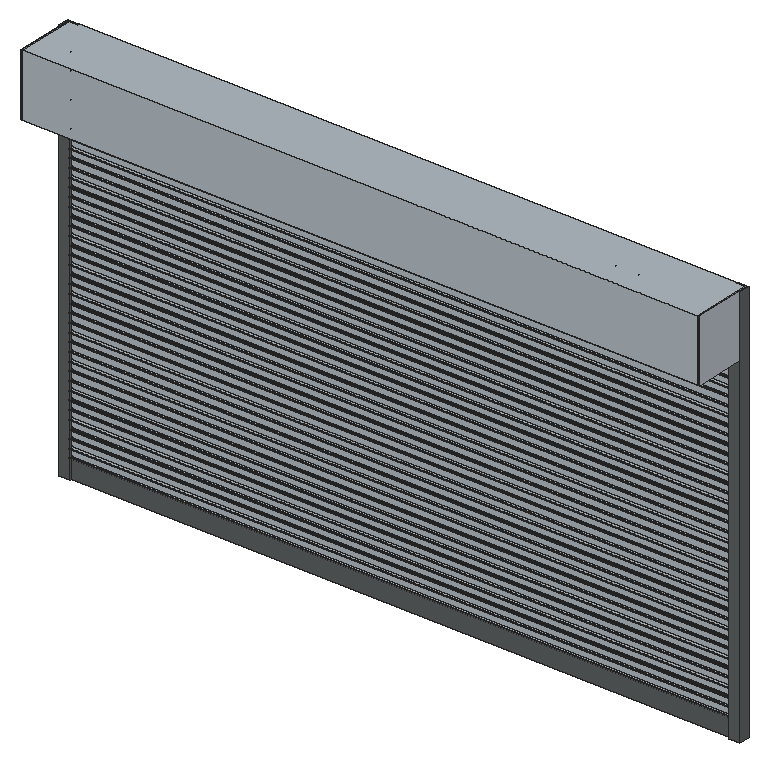
Revit family "Doors_Fire-Doors-Shutters_Wayne-Dalton_Fire-Rated-Counter-Shutters-FireStar-Model-550", category Specialty Equipment, host Wall, Revit 2019
Family settings
  Host = Wall
  Round Connector Dimension = Use Diameter
  Part Type = Normal
  OmniClass Number = 23.30.10.21.34
  OmniClass Title = Industrial Doors
  Always vertical = Yes
  Cut with Voids When Loaded = Yes
  Shared = No
  Room Calculation Point = No
Parameters (values of type "‏​Manual push-up")
  Width Count [instance] = if(Aluminum Check, if(or(Crank, Manual), if(Opening Width < 121", 10, 16), if(Opening Width < 121", 10, if(Opening Width < 193", 16, 20))), if(Opening Width < 121", 10, 16))  # 10
  Warning Sign [instance] = if(or(Hood Warning, Calculated Area > 683.00 SF), 1 = 1, 1 = 2)  # no
  Warning (Note) [instance] = if(Warning Sign, "The Door Area is out of the limit; please adjust accordingly. The maximum allowed area is 683 sq. ft.", if(Hood Warning, "Headroom Clearance Dimensions - out of the limits. Consult Factory", " "))  # " "
  Wall Thickness [instance] = 6"
  Voltage = 0 V
  True Opening Width [instance] = if(Between Jambs Mounting, Door Width True, Clear Width)  # 120"
  True Opening Height [instance] = if(Between Jambs Mounting, Clear Height + Headroom Height, Clear Height)  # 60"
  Slat Type [instance] = "№17"  # constant formula
  Slat Length [instance] = Clear Width + Setback  # 122 1/2"
  Slat Height [instance] = if(Slat Selection < 3, 11 51/256", 10 1/2")  # 11 51/256"
  Slat Center Offset [instance] = 1 7/16"  # constant formula
  Slat Selection [instance] = 1  # constant formula
  Side Room Right [instance] = if(Electric Operator, 8", if(Crank, 5", 3"))  # 3"
  Side Room Left [instance] = 3"  # constant formula
  Setback [instance] = if(Between Jambs Mounting, 1 3/4", 1 3/4" + 3/4")  # 2 1/2"
  Product Page URL = "https://www.wayne-dalton.com/fire-counter-shutter-540-550"
  Power Factor = 1
  Powder Coat (Note) = "Wayne Dalton also offers approximately 200 RAL powder coat options to complement the exterior colors of a building."  # constant formula
  Operator Visibility = no
  Operation (Note) [instance] = "Standard door operation is manual push-up. Door could also operate by crank, electrical operator or chain hoist. Manual push up and crank could be used up to 80 sf."  # constant formula
  Opening Width Real [instance] = if(Opening Width > Max Opening Width, Max Opening Width, if(Opening Width < Min Opening Width, Min Opening Width, Opening Width))  # 120"
  Opening Width [instance] = 120"
  Opening Height Real [instance] = if(Opening Height > Max Opening Height, Max Opening Height, if(Opening Height < Min Opening Height, Min Opening Height, Opening Height))  # 60"
  Opening Height [instance] = 60"
  One Array element [instance] = not(Array Vis)  # no
  Number of Poles = 1
  Motor Type [instance] = "GCX Electric Operator"  # constant formula
  Motor Selection (Note) [instance] = "Generic operator shown. Contact Wayne Dalton when dimensions are critical. "  # constant formula
  Motor Position [instance] = Headplate Offset  # 2 5/8"
  Motor Option Real [instance] = 1  # constant formula
  Min Opening Width [instance] = 40"  # constant formula
  Min Opening Height [instance] = 40"  # constant formula
  Max Opening Width [instance] = 192"  # constant formula
  Max Opening Height [instance] = 108"  # constant formula
  Material Finish [instance] = 550 : Steel - Gray
  Lookup Table = "Hood Dimensions"  # constant formula
  Lookup BD [instance] = size_lookup(Lookup Table, if(Manual, "YM", if(Crank, "YC", "YE")), 10", Width Count, Height Count, if(Aluminum Check, 1, 0))  # 11 1/8"
  Jambs Offset 2 [instance] = if(Between Jambs Mounting, Guide Width 2, 0")  # 0"
  Jamb Offset 1 [instance] = if(Between Jambs Mounting, Guide Width 1, 0")  # 0"
  Installation Real [instance] = if(Between Jambs Mounting, Installation Limits, Wall Thickness)  # 6"
  Installation Offset [instance] = 0"
  Installation Limits [instance] = if(Installation Offset < 0", 0", if(Installation Offset > Wall Thickness - Guide Depth, Wall Thickness - Guide Depth, Installation Offset))  # 0"
  Hood Warning [instance] = size_lookup(Lookup Table, if(Manual, "WM", if(Crank, "WC", "WE")), 0, Width Count, Height Count, if(Aluminum Check, 1, 0)) = 1  # no
  Hood Type [instance] = "Square Hood"  # constant formula
  Hood Option [instance] = 2  # constant formula
  Hood Offset [instance] = 3"  # constant formula
  Hood Material [instance] = Metal - Wayne Dalton - Gray
  Hood Height [instance] = Headroom Height Real - Hood Offset  # 11 1/2"
  Lookup HH [instance] = size_lookup(Lookup Table, if(Manual, "XM", if(Crank, "XC", "XE")), 10", Width Count, Height Count, if(Aluminum Check, 1, 0))  # 11 1/2"
  Height Count [instance] = if(Opening Height < 49", 4, if(Opening Height < 61", 5, if(Opening Height < 73", 6, 7)))  # 5
  Headroom Height Real [instance] = Lookup HH + Hood Offset  # 14 1/2"
  Headroom Height [instance] = Headroom Height Real  # 14 1/2"
  Headplate Offset [instance] = if(Between Jambs Mounting, 2" - 1/8", 2" - 1/8" + 3/4")  # 2 5/8"
  Guide Type [instance] = if(Between Jambs Mounting, "Between Jambs Rolled Steel", "Face of Wall Rolled Steel")  # "Face of Wall Rolled Steel"
  Guide Width 2 [instance] = if(Between Jambs Mounting, Side Room Left, 2 3/4")  # 2 3/4"
  Guide Width 1 [instance] = if(Between Jambs Mounting, Side Room Right, 2 3/4")  # 2 3/4"
  Guide Depth [instance] = 2"  # constant formula
  Frequency = 0 Hz
  Floor To CL shaft [instance] = Clear Height + Hood Height / 2 + Hood Offset  # 68 3/4"
  Face of Wall Offset [instance] = if(Between Jambs Mounting, 0", 5")  # 5"
  Face Of Wall Mounting [instance] = not(Between Jambs Mounting)  # yes
  Electric Operator = no
  Door Width True [instance] = if(Between Jambs Mounting, Clear Width + Guide Width 1 + Guide Width 2, Clear Width)  # 120"
  Door Width (Real) [instance] = if(Between Jambs Mounting, Clear Width, Clear Width + Setback * 2)  # 125"
  Door Height True [instance] = Clear Width + Headroom Height  # 134 1/2"
  Door Height (Real) [instance] = Clear Height + Hood Offset  # 63"
  URL = "https://www.wayne-dalton.com/"
  Product data url = "https://www.bimobject.com/wayne-dalton/product/fire-rated-counter-shutters-firestar-model-550"
  Product Guid = "681392b5-bbaf-4c74-8fa3-e8ad4a23bc02"
  Model = "550"  # constant formula
  Manufacturer = "Wayne Dalton"  # constant formula
  Wall Closure = By host
  Floor To (CL) of Shaft [instance] = Clear Height + Hood Height / 2 + Hood Offset + Default Elevation Height + Countertop Thickness Real  # 104 3/4"
  Finish Material = Finish - Wayne Dalton - Black
  Description = "Firestar Model 550 Fire Rated Counter Shutter"  # constant formula
  Default Elevation Height [instance] = 36"
  Crank = no
  Countertop Thickness Real [instance] = if(Countertop Thickness < 0", 0", if(Countertop Thickness > 12", 12", Countertop Thickness))  # 0"
  Countertop Thickness [instance] = 0"
  Clearance [instance] = no
  Clear Width [instance] = if(Between Jambs Mounting, Opening Width Real - Guide Width 2 - Guide Width 1, Opening Width Real)  # 120"
  Clear Height [instance] = if(Between Jambs Mounting, Opening Height Real - Headroom Height, Opening Height Real)  # 60"
  Manual = yes
  Current = 0 A
  Between Jambs Mounting [instance] = no
  Backroom Depth [instance] = Lookup BD  # 11 1/8"
  BJ Opening Cut [instance] = if(Between Jambs Mounting, Headroom Height, 0")  # 0"
  Array Vis [instance] = if(Array < 2, 1 = 2, 1 = 1)  # yes
  Array Real [instance] = if(Array < 2, 2, Array)  # 6
  Array Length [instance] = (Array) * Slat Height  # 67 25/128"
  Array [instance] = rounddown(([Door Height (Real)] - 3 1/2") / Slat Height) + 1  # 6
  Calculated Area [instance] = [Door Width (Real)] * [Door Height (Real)]  # 54.6875 SF
  Apparent Load Phase 3 = if(Number of Poles = 1, 0 VA, (Voltage * Current * sqrt(3)) / 3)  # 0 VA
  Apparent Load Phase 2 = if(Number of Poles = 1, 0 VA, (Voltage * Current * sqrt(3)) / 3)  # 0 VA
  Apparent Load Phase 1 = if(Number of Poles = 1, Voltage * Current, (Voltage * Current * sqrt(3)) / 3)  # 0 VA
  Aluminum Check [instance] = 1 = 2  # no
Reference planes (in)
  plane 1 "Center (Front/Back)": y = -14.625
  plane 2 "Center (Left/Right)": x = 0
  plane 3 "Left": x = -60
  plane 4 "Right": x = 60
  plane 5 "Exterior": y = -8.625
  plane 6 "Interior": y = -14.625
  plane 7: z = 96
  plane 8 "Backroom Depth": y = -25.75
  plane 9 "Bottom Bar": z = 39.5
  plane 10: z = 106.69531
  plane 11: z = 110.5
  plane 12: z = 99
  plane 13: z = 0
  plane 14: z = 66
  plane 15: y = -16.3125
  plane 16: y = 18.375
  plane 17: y = -41.625
  plane 18 "Headroom Top": z = 110.5
  plane 19: z = 104.75
  plane 20: z = 95.49609
  plane 21: z = 36
  plane 22: x = 62.75
  plane 23: x = -62.75
  plane 24: y = -16.0625
  plane 25: x = 62.625
  plane 26: z = 36
  plane 27: y = -16.3125
  plane 28: z = 39.5
  plane 29: y = -16.3125
  plane 30: z = 95.49609
  plane 31: y = -16.3125
  plane 32: z = 50.69922
  plane 33: y = -16.3125
  plane 34: z = 61.89844
  plane 35: y = -16.3125
  plane 36: z = 73.09766
  plane 37: y = -16.3125
  plane 38: z = 84.29687
Forms (in)
  Extrusion 1, void
    sketch origin (0, -20.625, 0) x (0, 0, -1) y (-1, 0, 0)
      loop
        line (-96, 60) -> (-96, -60) -> (-36, -60) -> (-36, 60) -> (-96, 60)
    from 6 to 12
  Extrusion 2, solid, material "Clearance - Wayne Dalton - Red", visible <- "Clearance"
    sketch origin (-137.2887, -12, 36) x (-1, 0, 0) y (0, -1, 0)
      loop
        line (-197.2887, 4.625) -> (-200.2887, 4.625) -> (-200.2887, 2.625) -> (-197.2887, 2.625) -> (-197.2887, 4.625)
      loop
        line (-77.2887, 4.625) -> (-77.2887, 2.625) -> (-74.2887, 2.625) -> (-74.2887, 4.625) -> (-77.2887, 4.625)
    from 0 to 63
Text (in)
  text "Exterior" at (-74.96733, 27.31104, 0), in view "Ref. Level"
  text "Interior" at (-74.96733, -25.14366, 0), in view "Ref. Level"
  text "Exterior" at (0, 40.15149, 123.01588), in view "Right"
  text "Interior" at (0, -64.39139, 123.01588), in view "Right"
  text "Interior" at (0, -31.01599, 123.00693), in view "Left"
  text "Exterior" at (0, 54.57065, 123.00693), in view "Left"
Dimensions and locks (in)
  equal spacing: plane 3 "Left", plane 2 "Center (Left/Right)", plane 4 "Right"
  "Clear Width": plane 3 "Left" to plane 4 "Right"
  level to host wall = 459.59655"
  "Array Length": plane 10 to plane 9 "Bottom Bar"
  "Backroom Depth": plane 8 "Backroom Depth" to plane 1 "Center (Front/Back)"
  "Hood Height": plane 11 to plane 12
  "Installation Real": plane 1 "Center (Front/Back)" to plane 5 "Exterior"
  "Wall Thickness": host wall to host wall
  equal spacing: plane 16, host wall, plane 17
  locked: plane 16 to plane 17 at 60
  "BJ Opening Cut": Extrusion 1 sketch curve to plane 7
  "Hood Offset": plane 12 to plane 7
  "Headroom Height": plane 18 "Headroom Top" to plane 7
  "Floor To (CL) of Shaft": plane 19 to level
  "Jamb Offset 1": plane 4 "Right" to Extrusion 1 sketch curve
  "Jambs Offset 2": Extrusion 1 sketch curve to plane 3 "Left"
  "Slat Height": plane 10 to plane 20
  equal spacing: group 1, group 3, group 4, group 5, group 6, group 2  (x3)
  equal spacing: plane 7, plane 14, plane 21
  "Clear Height": plane 7 to plane 21
  locked: plane 9 "Bottom Bar" to plane 21 at 3.5
  "Guide Width 1": plane 4 "Right" to plane 22
  "Guide Width 2": plane 23 to plane 3 "Left"
  plane 23 to plane 22 = 125 1/2"
  "Slat Center Offset": plane 24 to plane 1 "Center (Front/Back)"
  locked: plane 15 to plane 24 at 0.25
  "Motor Position": plane 4 "Right" to plane 25
  "Default Elevation Height": plane 26 to plane 13
  "Countertop Thickness Real": plane 21 to plane 26
  "Side Room Left": Extrusion 2 sketch curve to Extrusion 2 sketch curve
  "Side Room Right": Extrusion 2 sketch curve to Extrusion 2 sketch curve
  locked: Extrusion 2 sketch curve to Extrusion 2 sketch curve at 2
  aligned and locked: plane 5 "Exterior" to host wall
  aligned and locked: host wall to plane 6 "Interior"
  aligned and locked: Extrusion 1 to plane 5 "Exterior"
  aligned and locked: plane 6 "Interior" to Extrusion 1
  aligned and locked: level to plane 13
  aligned and locked: plane 2 "Center (Left/Right)" to nested 1
  aligned and locked: nested 1 to plane 16
  aligned and locked: plane 17 to nested 2
  aligned and locked: nested 2 to plane 2 "Center (Left/Right)"
  aligned and locked: plane 2 "Center (Left/Right)" to nested 3
  aligned and locked: nested 3 to plane 15
  aligned and locked: plane 2 "Center (Left/Right)" to nested 10
  aligned and locked: plane 1 "Center (Front/Back)" to nested 10
  aligned and locked: plane 25 to nested 11
  aligned and locked: plane 11 to nested 11
  aligned and locked: plane 5 "Exterior" to nested 11
  aligned and locked: Extrusion 1 sketch curve to plane 26
  aligned and locked: plane 9 "Bottom Bar" to plane 28
  aligned and locked: plane 27 to plane 15
  aligned and locked: plane 20 to plane 30
  aligned and locked: plane 29 to plane 15
  aligned and locked: plane 14 to nested 3
  aligned and locked: Extrusion 2 sketch curve to plane 4 "Right"
  aligned and locked: Extrusion 2 sketch curve to plane 3 "Left"
  aligned and locked: Extrusion 2 sketch curve to plane 1 "Center (Front/Back)"  (x2)
  aligned and locked: Extrusion 2 sketch curve to Extrusion 2 sketch curve
  aligned and locked: Extrusion 2 to plane 21
  aligned and locked: plane 12 to Extrusion 2
Nested families (in)
  nested 1: "Label Annotation 1" at (0, 18.375, 0), visible <- "Warning Sign", type "Label Annotation 1"
  nested 2: "Label Annotation 1" at (0, -41.625, 0) x (-1, 0, 0) z (0, 0, 1), visible <- "Warning Sign", type "Label Annotation 1"
  nested 3: "Warning Sign" at (0, -16.3125, 66), visible <- "Warning Sign", type "Warning Sign"
    with Warning Sign no
  nested 4: "550" at (0, -16.312, 39.5), Opening Width <- "Slat Length", type <- "Material Finish", Slat Option <- "Slat Selection", type "Steel - Gray"
    with Void Offset 1", Void Height 3/4", Step 1.6", Slat Width 1/2", Slat Position + Offset 11.795", Slat Position 11.2", Slat Option 1, Secure-Vent no, Profile #17 yes, Perforation no, Opening Width 122 1/2", Integrated Cutout no, Fenestration no, Extruded Alum Profile no, Cutout Width Offset 1", Cutout Vertical Offset 0.595", # 17 yes
  nested 5: "550" at (0, -16.312, 95.49609), Opening Width <- "Slat Length", type <- "Material Finish", Slat Option <- "Slat Selection", type "Steel - Gray"
    with Void Offset 1", Void Height 3/4", Step 1.6", Slat Width 1/2", Slat Position + Offset 11.795", Slat Position 11.2", Slat Option 1, Secure-Vent no, Profile #17 yes, Perforation no, Opening Width 122 1/2", Integrated Cutout no, Fenestration no, Extruded Alum Profile no, Cutout Width Offset 1", Cutout Vertical Offset 0.595", # 17 yes
  nested 6: "550" at (0, -16.312, 50.69922), Opening Width <- "Slat Length", type <- "Material Finish", Slat Option <- "Slat Selection", type "Steel - Gray"
    with Void Offset 1", Void Height 3/4", Step 1.6", Slat Width 1/2", Slat Position + Offset 11.795", Slat Position 11.2", Slat Option 1, Secure-Vent no, Profile #17 yes, Perforation no, Opening Width 122 1/2", Integrated Cutout no, Fenestration no, Extruded Alum Profile no, Cutout Width Offset 1", Cutout Vertical Offset 0.595", # 17 yes
  nested 7: "550" at (0, -16.312, 61.89844), Opening Width <- "Slat Length", type <- "Material Finish", Slat Option <- "Slat Selection", type "Steel - Gray"
    with Void Offset 1", Void Height 3/4", Step 1.6", Slat Width 1/2", Slat Position + Offset 11.795", Slat Position 11.2", Slat Option 1, Secure-Vent no, Profile #17 yes, Perforation no, Opening Width 122 1/2", Integrated Cutout no, Fenestration no, Extruded Alum Profile no, Cutout Width Offset 1", Cutout Vertical Offset 0.595", # 17 yes
  nested 8: "550" at (0, -16.312, 73.09766), Opening Width <- "Slat Length", type <- "Material Finish", Slat Option <- "Slat Selection", type "Steel - Gray"
    with Void Offset 1", Void Height 3/4", Step 1.6", Slat Width 1/2", Slat Position + Offset 11.795", Slat Position 11.2", Slat Option 1, Secure-Vent no, Profile #17 yes, Perforation no, Opening Width 122 1/2", Integrated Cutout no, Fenestration no, Extruded Alum Profile no, Cutout Width Offset 1", Cutout Vertical Offset 0.595", # 17 yes
  nested 9: "550" at (0, -16.312, 84.29688), Opening Width <- "Slat Length", type <- "Material Finish", Slat Option <- "Slat Selection", type "Steel - Gray"
    with Void Offset 1", Void Height 3/4", Step 1.6", Slat Width 1/2", Slat Position + Offset 11.795", Slat Position 11.2", Slat Option 1, Secure-Vent no, Profile #17 yes, Perforation no, Opening Width 122 1/2", Integrated Cutout no, Fenestration no, Extruded Alum Profile no, Cutout Width Offset 1", Cutout Vertical Offset 0.595", # 17 yes
  nested 10: "Lifts" at (0, -14.625, 36) x (-1, 0, 0) z (0, 0, 1), type "Frame Unit"
    with Floor To (CL) of Shaft 68 3/4"
  nested 11: "Motor" at (62.1855, -25.75, 99), visible <- "Operator Visibility", type "Trolley Motor"
Connectors (in)
  electrical at (62.625, -20.1875, 104.75), driven by "Apparent Load Phase 1", driven by "Power Factor", driven by "Apparent Load Phase 3", driven by "Apparent Load Phase 2", driven by "Voltage", driven by "Number of Poles"
    settings: on nested 11, index 1, voltage 0 V, apparent load 0 VA, apparent load phase1 0 VA, apparent load phase2 0 VA, apparent load phase3 0 VA, power factor 1, load classification "Other", number of poles 1, system type 31, power factor state 1, is connector primary yes, connector utility no, sub classification motor no, connector description "Electrical Connector"
Definition of nested family "550"
  Parameters (values of type "Steel - Gray")
    Void Offset [instance] = if(Integrated Cutout, 0", 1")  # 1"
    Void Height [instance] = if([Secure-Vent], 1.4", 3/4")  # 3/4"
    Step [instance] = if(Slat Option < 3, 1.6", 1 1/2")  # 1.6"
    Standard = yes
    Slat Width [instance] = 1/2"  # constant formula
    Slat Position + Offset [instance] = Slat Position + Cutout Vertical Offset  # 11.795"
    Slat Position [instance] = if(Slat Option < 3, 1.6" * 7, 1 1/2" * 7)  # 11.2"
    Slat Option [instance] = 1
    Secure-Vent [instance] = if(Slat Option = 2, 1 = 1, 1 = 2)  # no
    Rough Height = 0"
    Profile #17 [instance] = or(# 17, [Secure-Vent])  # yes
    Perforation [instance] = [Secure-Vent]  # no
    Fenestration [instance] = if(and(Integrated Cutout, not(Perforation)), 1 = 1, 1 = 2)  # no
    Extruded Alum Profile [instance] = if(Slat Option > 2, 1 = 1, 1 = 2)  # no
    Cutout Width Offset [instance] = 1"  # constant formula
    Panel Material = none
    Opening Width [instance] = 123 5/8"
    Cutout Vertical Offset [instance] = 0.595"  # constant formula
    Default Elevation = 48"
    Integrated Cutout [instance] = if(Perforation, 1 = 1, 1 = 2)  # no
    Cutout Material Perforation = none
    Analytic Construction = "<None>"
    # 17 [instance] = if(Slat Option < 2, 1 = 1, 1 = 2)  # yes
  Types (4): name
    Steel - Gray
    Steel - Brown
    Steel - Biege
    Steel - White
  Reference planes (in)
    plane 1 "Center (Front/Back)": y = 0
    plane 2: z = 0
    plane 3 "Center (Left/Right)": x = 0
    plane 4: x = -61.8125
    plane 5: x = 61.8125
    plane 6: y = 0.5
    plane 7: y = 0
    plane 8: y = 0.25
    plane 9: y = 0.47
    plane 10: x = -60.8125
    plane 11: x = 60.8125
    plane 12: z = 1.6
    plane 13: z = 3.2
    plane 14: z = 4.8
    plane 15: z = 6.4
    plane 16: z = 8
    plane 17: z = 9.6
    plane 18: z = 11.2
  Forms (in)
    Extrusion 1, solid, material <- "Panel Material"
      sketch origin (0, -4.98186, 13.12534) x (0, 1, 0) y (0, 0, 1)
        loop
          arc (5.48186, -10.19465) -> (5.46788, -10.15782) -> (5.43299, -10.13954) r 0.05551
          line (5.43299, -10.13954) -> (5.28542, -10.12177) -> (5.42635, -10.12177)
          arc (5.42635, -10.12177) -> (5.4656, -10.10551) -> (5.48186, -10.06626) r 0.05551
          line (5.48186, -10.06626) -> (5.48186, -8.59465)
          arc (5.48186, -8.59465) -> (5.46788, -8.55782) -> (5.43299, -8.53954) r 0.05551
          line (5.43299, -8.53954) -> (5.28542, -8.52177) -> (5.42635, -8.52177)
          arc (5.42635, -8.52177) -> (5.4656, -8.50551) -> (5.48186, -8.46626) r 0.05551
          line (5.48186, -8.46626) -> (5.48186, -6.99465)
          arc (5.48186, -6.99465) -> (5.46788, -6.95782) -> (5.43299, -6.93954) r 0.05551
          line (5.43299, -6.93954) -> (5.28542, -6.92177) -> (5.42635, -6.92177)
          arc (5.42635, -6.92177) -> (5.4656, -6.90551) -> (5.48186, -6.86626) r 0.05551
          line (5.48186, -6.86626) -> (5.48186, -5.39465)
          arc (5.48186, -5.39465) -> (5.46788, -5.35782) -> (5.43299, -5.33954) r 0.05551
          line (5.43299, -5.33954) -> (5.28542, -5.32177) -> (5.42635, -5.32177)
          arc (5.42635, -5.32177) -> (5.4656, -5.30551) -> (5.48186, -5.26626) r 0.05551
          line (5.48186, -5.26626) -> (5.48186, -3.79465)
          arc (5.48186, -3.79465) -> (5.46788, -3.75782) -> (5.43299, -3.73954) r 0.05551
          line (5.43299, -3.73954) -> (5.28542, -3.72177) -> (5.42635, -3.72177)
          arc (5.42635, -3.72177) -> (5.4656, -3.70551) -> (5.48186, -3.66626) r 0.05551
          line (5.48186, -3.66626) -> (5.48186, -2.19465)
          arc (5.48186, -2.19465) -> (5.46788, -2.15782) -> (5.43299, -2.13954) r 0.05551
          line (5.43299, -2.13954) -> (5.16194, -2.10689)
          arc (5.16194, -2.10689) -> (5.14042, -2.08085) -> (5.16536, -2.05806) r 0.02451
          arc (5.16536, -2.05806) -> (5.20184, -1.81095) -> (4.98186, -1.92928) r 0.13976
          line (4.98186, -1.92928) -> (4.98186, -2.09641)
          arc (4.98186, -2.09641) -> (4.99584, -2.13324) -> (5.03073, -2.15152) r 0.05551
          line (5.03073, -2.15152) -> (5.42186, -2.19863) -> (5.42186, -3.66177) -> (5.1519, -3.66177)
          arc (5.1519, -3.66177) -> (5.20745, -3.4151) -> (4.98186, -3.52928) r 0.13976
          line (4.98186, -3.52928) -> (4.98186, -3.69641)
          arc (4.98186, -3.69641) -> (4.99584, -3.73324) -> (5.03073, -3.75152) r 0.05551
          line (5.03073, -3.75152) -> (5.42186, -3.79863) -> (5.42186, -5.26177) -> (5.1519, -5.26177)
          arc (5.1519, -5.26177) -> (5.20745, -5.0151) -> (4.98186, -5.12928) r 0.13976
          line (4.98186, -5.12928) -> (4.98186, -5.29641)
          arc (4.98186, -5.29641) -> (4.99584, -5.33324) -> (5.03073, -5.35152) r 0.05551
          line (5.03073, -5.35152) -> (5.42186, -5.39863) -> (5.42186, -6.86177) -> (5.1519, -6.86177)
          arc (5.1519, -6.86177) -> (5.20745, -6.6151) -> (4.98186, -6.72928) r 0.13976
          line (4.98186, -6.72928) -> (4.98186, -6.89641)
          arc (4.98186, -6.89641) -> (4.99584, -6.93324) -> (5.03073, -6.95152) r 0.05551
          line (5.03073, -6.95152) -> (5.42186, -6.99863) -> (5.42186, -8.46177) -> (5.1519, -8.46177)
          arc (5.1519, -8.46177) -> (5.20745, -8.2151) -> (4.98186, -8.32928) r 0.13976
          line (4.98186, -8.32928) -> (4.98186, -8.49641)
          arc (4.98186, -8.49641) -> (4.99584, -8.53324) -> (5.03073, -8.55152) r 0.05551
          line (5.03073, -8.55152) -> (5.42186, -8.59863) -> (5.42186, -10.06177) -> (5.1519, -10.06177)
          arc (5.1519, -10.06177) -> (5.20745, -9.8151) -> (4.98186, -9.92928) r 0.13976
          line (4.98186, -9.92928) -> (4.98186, -10.09641)
          arc (4.98186, -10.09641) -> (4.99584, -10.13324) -> (5.03073, -10.15152) r 0.05551
          line (5.03073, -10.15152) -> (5.42186, -10.19863) -> (5.42186, -11.66177) -> (5.1519, -11.66177)
          arc (5.1519, -11.66177) -> (5.20745, -11.4151) -> (4.98186, -11.52928) r 0.13976
          line (4.98186, -11.52928) -> (4.98186, -11.69641)
          arc (4.98186, -11.69641) -> (4.99584, -11.73324) -> (5.03073, -11.75152) r 0.05551
          line (5.03073, -11.75152) -> (5.42186, -11.79863) -> (5.42186, -13.26177) -> (5.15165, -13.26177)
          arc (5.15165, -13.26177) -> (5.20906, -13.01644) -> (4.98186, -13.12534) r 0.1397
          line (4.98186, -13.12534) -> (4.98186, -13.26626)
          arc (4.98186, -13.26626) -> (4.99812, -13.30551) -> (5.03737, -13.32177) r 0.05551
          line (5.03737, -13.32177) -> (5.42635, -13.32177)
          arc (5.42635, -13.32177) -> (5.4656, -13.30551) -> (5.48186, -13.26626) r 0.05551
          line (5.48186, -13.26626) -> (5.48186, -11.79465)
          arc (5.48186, -11.79465) -> (5.46788, -11.75782) -> (5.43299, -11.73954) r 0.05551
          line (5.43299, -11.73954) -> (5.28542, -11.72177) -> (5.42635, -11.72177)
          arc (5.42635, -11.72177) -> (5.4656, -11.70551) -> (5.48186, -11.66626) r 0.05551
          line (5.48186, -11.66626) -> (5.48186, -10.19465)
      from -61.8125 to 61.8125
  Lines and regions (in)
    reference lines
      curve 1: line (0, -4.98186, 12.78) -> (0, 9.9577, 12.78)
      curve 2: line (0, -2.86663, 11.795) -> (0, 7.60337, 11.795)
      curve 3: line (0, -2.86663, 8.595) -> (0, 7.60337, 8.595)
      curve 4: line (0, -2.86663, 5.395) -> (0, 7.60337, 5.395)
      curve 5: line (0, -2.86663, 3.795) -> (0, 7.60337, 3.795)
      curve 6: line (0, -2.86663, 0.595) -> (0, 7.60337, 0.595)
      curve 7: line (0, -2.86663, 2.195) -> (0, 7.60337, 2.195)
      curve 8: line (0, -2.86663, 10.195) -> (0, 7.60337, 10.195)
      curve 9: line (0, -2.86663, 6.995) -> (0, 7.60337, 6.995)
  Dimensions and locks (in)
    equal spacing: plane 4, plane 3 "Center (Left/Right)", plane 5
    "Opening Width": plane 4 to plane 5
    "Slat Width": plane 1 "Center (Front/Back)" to plane 6
    equal spacing: plane 1 "Center (Front/Back)", plane 8, plane 6
    locked: plane 9 to plane 6 at 0.03
    "Cutout Width Offset": plane 4 to plane 10
    "Cutout Width Offset": plane 5 to plane 11
    locked: curve 1 to level at 12.78
    "Slat Position": curve 6 to curve 2
    "Cutout Vertical Offset": curve 6 to plane 2
    equal spacing: curve 6, curve 7, curve 5, curve 4, curve 9, curve 3, curve 8, curve 2
    equal spacing: plane 18, plane 17, plane 16, plane 15, plane 14, plane 13, plane 12, plane 2
    "Step": plane 12 to level
    locked: plane 13 to Extrusion 1 sketch curve at 0.13642
    locked: plane 12 to Extrusion 1 sketch curve at 0.13642
    locked: plane 14 to Extrusion 1 sketch curve at 0.13642
    locked: plane 15 to Extrusion 1 sketch curve at 0.13642
    locked: plane 16 to Extrusion 1 sketch curve at 0.13642
    locked: plane 17 to Extrusion 1 sketch curve at 0.13642
    locked: Extrusion 1 sketch curve to plane 18 at 0
    radius of Extrusion 1 sketch curve = 0.1397"
    radius of Extrusion 1 sketch curve = 0.13976"  (x7)
    radius of Extrusion 1 sketch curve = 0.05551"  (x22)
    aligned and locked: plane 2 to level
    aligned and locked: plane 1 "Center (Front/Back)" to plane 7
    aligned and locked: plane 5 to Extrusion 1
    aligned and locked: plane 4 to Extrusion 1
  Automatic sketch dimensions
    plane 1 "Center (Front/Back)" to curve 1 = 4.98186"
    plane 1 "Center (Front/Back)" to curve 9 = 2.86663"
    curve 1 to curve 2 = 2.11523"
    plane 1 "Center (Front/Back)" to curve 7 = 2.86663"
    curve 3 to curve 9 = 0"
    curve 6 to curve 7 = 0"
    curve 4 to curve 9 = 0"
    curve 8 to curve 2 = 0"  (x2)
    curve 5 to curve 4 = 0"  (x2)
    curve 3 to plane 6 = 7.10337"
    curve 6 to plane 6 = 7.10337"
    curve 2 to curve 3 = 0"
    curve 7 to curve 6 = 0"
    curve 4 to curve 3 = 0"
    curve 9 to curve 3 = 0"
    curve 2 to curve 1 = 2.35433"
    curve 1 to Extrusion 1 sketch curve = 4.98186"
    Extrusion 1 sketch curve to Extrusion 1 sketch curve = 0"  (x21)
    Extrusion 1 sketch curve to Extrusion 1 sketch curve = 0.00664"  (x14)
    Extrusion 1 sketch curve to Extrusion 1 sketch curve = 0.1397"  (x7)
    Extrusion 1 sketch curve to Extrusion 1 sketch curve = 0.11428"
    Extrusion 1 sketch curve to Extrusion 1 sketch curve = 0.11453"  (x6)
    Extrusion 1 sketch curve to Extrusion 1 sketch curve = 0.12457"
    Extrusion 1 sketch curve to Extrusion 1 sketch curve = 0.00293"
    Extrusion 1 sketch curve to Extrusion 1 sketch curve = 0.13352"  (x6)
    Extrusion 1 sketch curve to Extrusion 1 sketch curve = 0.13644"  (x2)
    Extrusion 1 sketch curve to Extrusion 1 sketch curve = 0.00449"  (x13)
    Extrusion 1 sketch curve to Extrusion 1 sketch curve = 0.00398"  (x3)
    Extrusion 1 sketch curve to Extrusion 1 sketch curve = 0.16713"  (x2)
    Extrusion 1 sketch curve to Extrusion 1 sketch curve = 0.03464"  (x5)
    Extrusion 1 sketch curve to Extrusion 1 sketch curve = 1.32671"
    Extrusion 1 sketch curve to Extrusion 1 sketch curve = 0.14091"
    Extrusion 1 sketch curve to Extrusion 1 sketch curve = 0.02433"
Definition of nested family "Lifts"
  Parameters (values of type "Frame Unit")
    Void Offset = 0"  # constant formula
    Steel Guide Real = 1 = 2  # no
    Slat Center = 1.438"  # constant formula
    Side Room Right = 3"
    Side Room Left = 3"
    Rough Width = 0"
    Rough Height = 0"
    Rolled Setback = if(Between Jambs, 0", 3/4")  # 3/4"
    Rolled Guide SS = if(Between Jambs, Side Room Left, 2")  # 2"
    Rolled Guide ES = if(Between Jambs, Side Room Right, 2")  # 2"
    Real Setback = if(Aluminum Guide Real, Extruded Setback, Rolled Setback)  # 3/4"
    Opening Width = 120"
    Manual + Crank = if(or(Manual, Crank), 1 = 1, 1 = 2)  # yes
    Manual = yes
    Hood Offset = 3"
    Hood Material = none
    Headroom Height = 14 1/2"
    Headplate 2 Offset = if(Between Jambs, 2" - 1/8", 2" - 1/8" + Real Setback)  # 2 5/8"
    Headplate 1 Offset = if(Between Jambs, 2" - 1/8", 2" - 1/8" + Real Setback)  # 2 5/8"
    Header Width = 11 1/8"
    Opening Height = 60"
    Guide Offset 2 = if(Steel Guide Real, Rolled Setback + Rolled Guide SS, Extruded Setback + Extruded SS)  # 2 3/4"
    Guide Offset 1 = if(Steel Guide Real, Rolled Setback + Rolled Guide ES, Extruded Setback + Extruded ES)  # 2 3/4"
    Floor To (CL) of Shaft [instance] = Opening Height + (Headroom Height + Hood Offset) / 2  # 68 3/4"
    Finish Material = none
    Face Of Wall Mounting = not(Between Jambs)  # yes
    Extruded Setback = if(Between Jambs, 0", 3/4")  # 3/4"
    Extruded SS = if(Between Jambs, Side Room Left, 2")  # 2"
    Extruded ES = if(Between Jambs, Side Room Right, 2")  # 2"
    Electric Operator = no
    Default Elevation = 48"
    Crank = no
    Bottom Bar = if(Between Jambs, 1 5/8", 1 5/8" + if(Aluminum Guide Real, Extruded Setback, Rolled Setback))  # 2 3/8"
    Between Jambs = no
    Bar = 1 = 2  # no
    BJ Position = 0"  # constant formula
    Aluminum Guide Real = 1 = 1  # yes
  Reference planes (in)
    plane 1 "Center (Front/Back)": y = 0
    plane 2: z = 0
    plane 3 "Center (Left/Right)": x = 0
    plane 4 "Opening Height": z = 60
    plane 5: z = 74.5
    plane 6: y = 11.125
    plane 7 "Real Opening 2": x = -60
    plane 8 "Real Opening 1": x = 60
    plane 9: z = 63
    plane 10 "Main": y = 0
    plane 11: z = 68.75
    plane 12 "Guide 2": x = 62.75
    plane 13 "Guide 1": x = -62.75
    plane 14: x = 62.375
    plane 15: x = -62.375
    plane 16 "Headplate": x = -62.625
    plane 17: x = 62.625
    plane 18 "Masking": z = 76
    plane 19: x = -62.375
    plane 20: x = 62.375
  Forms (in)
    Extrusion 1, solid, material <- "Finish Material"
      sketch origin (0, 1.438, -2.69619) x (0, 0, 1) y (0, -1, 0)
        loop
          line (6.19619, 0.25) -> (2.69619, 0.25) -> (2.69619, -0.25) -> (6.19619, -0.25) -> (6.19619, 0.25)
      from -62.375 to 62.375
    Extrusion 2, solid, material <- "Hood Material"
      sketch origin (0, 0, 60) x (-1, 0, 0) y (0, -1, 0)
        loop
          line (62.375, 0) -> (-62.375, 0) -> (-62.375, -11.125) -> (62.375, -11.125) -> (62.375, 0)
      from 3 to 14.5
    Extrusion 3, solid, material <- "Hood Material", visible <- "Bar"
      sketch origin (0, 1.438, -2.69619) x (0, 0, 1) y (0, -1, 0)
        loop
          line (78.69619, 1.438) -> (77.19619, 1.438) -> (77.19619, 1.188) -> (78.69619, 1.188) -> (78.69619, 1.438)
      from -62.375 to 62.375
    Extrusion 4, void
      sketch origin (0, 1.438, -2.69619) x (0, 0, 1) y (0, -1, 0)
        loop
          line (77.19619, 1.438) -> (65.69619, 1.438) -> (65.69619, -9.687) -> (77.19619, -9.687) -> (77.19619, 1.438)
      from -62.375 to 62.375
    Extrusion 5, solid, material <- "Hood Material"
      sketch origin (0, 1.438, -2.69619) x (0, 0, 1) y (0, -1, 0)
        loop
          line (77.19619, 1.438) -> (65.69619, 1.438) -> (65.69619, -9.687) -> (77.19619, -9.687) -> (77.19619, 1.438)
      from -62.625 to 62.625
    Extrusion 6, solid, material <- "Finish Material", visible <- "Aluminum Guide Real"
      sketch origin (0, 0, 0) x (1, 0, 0) y (0, 1, 0)
        loop
          line (62.75, 0) -> (62.75, 2) -> (60.75, 2) -> (60.75, 1.875) -> (62.375, 1.875) -> (62.375, 1) -> (61, 1)
          arc (61, 1) -> (60.82322, 0.92678) -> (60.75, 0.75) r 0.25
          line (60.75, 0.75) -> (60.75, 0.25)
          arc (60.75, 0.25) -> (60.82322, 0.07322) -> (61, 0) r 0.25
          line (61, 0) -> (62.75, 0)
        loop
          line (-62.75, 0) -> (-61, 0)
          arc (-61, 0) -> (-60.82322, 0.07322) -> (-60.75, 0.25) r 0.25
          line (-60.75, 0.25) -> (-60.75, 0.75)
          arc (-60.75, 0.75) -> (-60.82322, 0.92678) -> (-61, 1) r 0.25
          line (-61, 1) -> (-62.375, 1) -> (-62.375, 1.875) -> (-60.75, 1.875) -> (-60.75, 2) -> (-62.75, 2) -> (-62.75, 0)
      from 0 to 74.5
    Extrusion 7, void
      sketch origin (0, 1.438, -2.69619) x (0, 0, 1) y (0, -1, 0)
        loop
          line (77.19619, 1.438) -> (65.69619, 1.438) -> (65.69619, -9.687) -> (77.19619, -9.687) -> (77.19619, 1.438)
      from -62.625 to 62.625
    Extrusion 8, void
      sketch origin (0, 0, 60) x (-1, 0, 0) y (0, -1, 0)
        loop
          line (-60.75, -2) -> (-60.75, -0.125) -> (-62.625, -0.125) -> (-62.625, -2) -> (-60.75, -2)
        loop
          line (60.75, -2) -> (62.625, -2) -> (62.625, -0.125) -> (60.75, -0.125) -> (60.75, -2)
      from 3 to 14.5
    Extrusion 9, void
      sketch origin (0, 0, 60) x (-1, 0, 0) y (0, -1, 0)
        loop
          line (-60.75, -0.125) -> (-60.75, 0) -> (-62.6875, 0) -> (-62.6875, -0.125) -> (-60.75, -0.125)
        loop
          line (60.75, -0.125) -> (62.75, -0.125) -> (62.75, 0) -> (60.75, 0) -> (60.75, -0.125)
      from 0 to 14.5
  Cuts and joins
    Extrusion 4, Extrusion 9 cuts Extrusion 5
    Extrusion 9 cuts Extrusion 2
    Extrusion 8 cuts Extrusion 6
  Lines and regions (in)
    Masking region 1
      outline origin (0, 0, 0) x (1, 0, 0) y (0, 1, 0)
        loop
          line (-62.625, 0) -> (62.625, 0) -> (62.625, 11.125) -> (-62.625, 11.125) -> (-62.625, 0)
    Masking region 2, visible <- "Aluminum Guide Real"
      outline origin (0, 0, 60) x (-1, 0, 0) y (0, -1, 0)
        loop
          line (62.75, -2) -> (62.75, 0) -> (61, 0)
          arc (61, 0) -> (60.82322, -0.07322) -> (60.75, -0.25) r 0.25
          line (60.75, -0.25) -> (60.75, -0.75)
          arc (60.75, -0.75) -> (60.82322, -0.92678) -> (61, -1) r 0.25
          line (61, -1) -> (62.375, -1) -> (62.375, -1.875) -> (60.75, -1.875) -> (60.75, -2) -> (62.75, -2)
        loop
          arc (-61, -1) -> (-60.82322, -0.92678) -> (-60.75, -0.75) r 0.25
          line (-60.75, -0.75) -> (-60.75, -0.25)
          arc (-60.75, -0.25) -> (-60.82322, -0.07322) -> (-61, 0) r 0.25
          line (-61, 0) -> (-62.75, 0) -> (-62.75, -2) -> (-60.75, -2) -> (-60.75, -1.875) -> (-62.375, -1.875) -> (-62.375, -1) -> (-61, -1)
    reference lines
      curve 1: line (0, 1.438, -2.69619) -> (0, 1.438, 5.30381)
    symbolic lines, visible <- "Bar"
      curve 2: line (62.375, 0.25, 60) -> (-62.375, 0.25, 60)
    symbolic lines
      curve 3: line (62.375, 0, 60) -> (62.375, 11.125, 60)
      curve 4: line (-62.375, 0, 60) -> (-62.375, 11.125, 60)
  Dimensions and locks (in)
    "Headroom Height": plane 5 to plane 4 "Opening Height"
    "Opening Height": plane 4 "Opening Height" to level
    "Hood Offset": plane 9 to plane 4 "Opening Height"
    "BJ Position": plane 10 "Main" to plane 1 "Center (Front/Back)"
    "Header Width": plane 10 "Main" to plane 6
    "Floor To (CL) of Shaft": plane 11 to level
    "Guide Offset 2": plane 8 "Real Opening 1" to plane 12 "Guide 2"
    "Guide Offset 1": plane 13 "Guide 1" to plane 7 "Real Opening 2"
    "Slat Center": plane 10 "Main" to curve 1
    "Bottom Bar": plane 8 "Real Opening 1" to plane 14
    "Bottom Bar": plane 15 to plane 7 "Real Opening 2"
    "Headplate 2 Offset": plane 8 "Real Opening 1" to plane 17
    "Headplate 1 Offset": plane 16 "Headplate" to plane 7 "Real Opening 2"
    locked: plane 18 "Masking" to plane 5 at 1.5
    locked: plane 16 "Headplate" to plane 19 at 0.25
    locked: plane 20 to plane 17 at 0.25
    locked: plane 10 "Main" to Extrusion 3 sketch curve at 0.25
    equal spacing: plane 7 "Real Opening 2", plane 3 "Center (Left/Right)", plane 8 "Real Opening 1"
    "Opening Width": plane 7 "Real Opening 2" to plane 8 "Real Opening 1"
    Extrusion 6 sketch curve to Extrusion 6 sketch curve = 1/8"
    locked: Extrusion 6 sketch curve to Extrusion 6 sketch curve at 1.625  (x2)
    "Extruded Setback": plane 8 "Real Opening 1" to Extrusion 6 sketch curve
    "Extruded SS": Extrusion 6 sketch curve to Extrusion 6 sketch curve
    locked: Extrusion 6 sketch curve to Extrusion 6 sketch curve at 2
    "Extruded ES": Extrusion 6 sketch curve to Extrusion 6 sketch curve
    "Extruded Setback": Extrusion 6 sketch curve to plane 7 "Real Opening 2"
    locked: plane 1 "Center (Front/Back)" to Extrusion 8 sketch curve at 2  (x2)
    locked: plane 1 "Center (Front/Back)" to Extrusion 8 sketch curve at 0.125  (x2)
    "Real Setback": Extrusion 8 sketch curve to plane 7 "Real Opening 2"
    "Real Setback": plane 8 "Real Opening 1" to Extrusion 8 sketch curve
    "Rolled Setback": plane 8 "Real Opening 1" to Extrusion 9 sketch curve
    locked: Extrusion 9 sketch curve to Extrusion 9 sketch curve at 0.125  (x2)
    locked: Extrusion 9 sketch curve to Extrusion 9 sketch curve at 1.9375
    "Rolled Guide ES": Extrusion 9 sketch curve to Extrusion 9 sketch curve
    "Rolled Setback": Extrusion 9 sketch curve to plane 7 "Real Opening 2"
    "Void Offset": Extrusion 9 sketch curve to plane 1 "Center (Front/Back)"
    locked: Extrusion 6 sketch curve to Extrusion 6 sketch curve at 0.875
    aligned and locked: plane 2 to level
    aligned and locked: Extrusion 2 sketch curve to plane 6
    aligned and locked: Extrusion 2 sketch curve to plane 1 "Center (Front/Back)"
    aligned and locked: Masking region 1 sketch curve to plane 16 "Headplate"
    aligned and locked: Masking region 1 sketch curve to plane 6
    aligned and locked: Masking region 1 sketch curve to plane 1 "Center (Front/Back)"
    aligned and locked: plane 17 to Masking region 1 sketch curve
    aligned and locked: Extrusion 2 sketch curve to plane 20
    aligned and locked: Extrusion 2 sketch curve to plane 19
    aligned and locked: Extrusion 3 sketch curve to plane 10 "Main"
    aligned and locked: Extrusion 3 sketch curve to plane 18 "Masking"
    aligned and locked: Extrusion 3 sketch curve to plane 5
    aligned and locked: Extrusion 3 to curve 2
    aligned and locked: Extrusion 4 sketch curve to plane 5
    aligned and locked: Extrusion 4 sketch curve to plane 10 "Main"
    aligned and locked: Extrusion 4 sketch curve to plane 9
    aligned and locked: plane 6 to Extrusion 4 sketch curve
    aligned and locked: Extrusion 4 to plane 19
    aligned and locked: Extrusion 4 to plane 20
    aligned and locked: Extrusion 5 sketch curve to plane 10 "Main"
    aligned and locked: plane 6 to Extrusion 5 sketch curve
    aligned and locked: Extrusion 5 sketch curve to plane 5
    aligned and locked: Extrusion 5 sketch curve to plane 9
    aligned and locked: Extrusion 5 to plane 16 "Headplate"
    aligned and locked: curve 3 to plane 20
    aligned and locked: curve 4 to plane 19
    aligned and locked: curve 4 to plane 1 "Center (Front/Back)"
    aligned and locked: plane 6 to curve 4
    aligned and locked: plane 6 to curve 3
    aligned and locked: plane 1 "Center (Front/Back)" to curve 3
    aligned and locked: plane 20 to curve 2
    aligned and locked: plane 19 to curve 2
    aligned and locked: Extrusion 3 to plane 20
    aligned and locked: plane 19 to Extrusion 3
    aligned and locked: plane 17 to cut or joined group of Extrusion 4, Extrusion 5, Extrusion 9
    aligned and locked: Extrusion 6 sketch curve to Extrusion 6 sketch curve  (x3)
    aligned and locked: Extrusion 6 sketch curve to plane 10 "Main"
    aligned and locked: Extrusion 6 sketch curve to plane 1 "Center (Front/Back)"
    aligned and locked: Extrusion 6 to plane 2
    aligned and locked: plane 5 to Extrusion 6
    aligned and locked: Extrusion 7 sketch curve to plane 10 "Main"
    aligned and locked: Extrusion 7 sketch curve to plane 5
    aligned and locked: plane 6 to Extrusion 7 sketch curve
    aligned and locked: Extrusion 7 sketch curve to plane 9
    aligned and locked: plane 17 to Extrusion 7
    aligned and locked: Extrusion 7 to plane 16 "Headplate"
    aligned and locked: Extrusion 8 to plane 9
    aligned and locked: plane 5 to Extrusion 8
    aligned and locked: Extrusion 9 sketch curve to Extrusion 9 sketch curve
    aligned and locked: Extrusion 9 to plane 4 "Opening Height"
    aligned and locked: plane 5 to Extrusion 9
    aligned and locked: Extrusion 1 to plane 14
    aligned and locked: plane 15 to Extrusion 1
    aligned and locked: plane 5 to cut or joined group of Extrusion 2, Extrusion 9
    aligned and locked: cut or joined group of Extrusion 2, Extrusion 9 to plane 9
    aligned and locked: Extrusion 8 sketch curve to plane 17
    aligned and locked: plane 16 "Headplate" to Extrusion 8 sketch curve
    aligned and locked: Masking region 2 sketch curve to cut or joined group of Extrusion 6, Extrusion 8  (x16)
  Automatic sketch dimensions
    curve 1 to level = 2.69619"
    level to curve 1 = 5.30381"
    Extrusion 1 sketch curve to curve 1 = 1/4"
    curve 1 to Extrusion 1 sketch curve = 2.69619"
    curve 1 to Extrusion 1 sketch curve = 1/4"
    Extrusion 1 sketch curve to curve 1 = 1.80381"
    Extrusion 2 sketch curve to plane 20 = 0"
    Extrusion 6 sketch curve to Extrusion 6 sketch curve = 1/4"  (x4)
    Extrusion 6 sketch curve to Extrusion 6 sketch curve = 1/2"
    Extrusion 6 sketch curve to Extrusion 6 sketch curve = 1/8"
Definition of nested family "Motor"
  Parameters (values of type "Trolley Motor")
    Wall Mount RSX = if(Crank, 1 = 2, if(Motor Option = 3, 1 = 1, 1 = 2))  # no
    Wall Mount RMX = if(Crank, 1 = 2, if(Motor Option = 4, 1 = 1, 1 = 2))  # no
    Wall Mount = or(Wall Mount RMX, Wall Mount RSX)  # no
    Real Exterior Wall Offset = if(or(Wall Mount RMX, Wall Mount RSX), Displacement, Exterior Wall Offset)  # 6"
    RTM = if(Crank, 1 = 2, if(Motor Option = 2, 1 = 1, 1 = 2))  # no
    Manual = yes
    Horizontal Mount = if(or(Wall Mount RMX, Wall Mount RSX), 5.08", 0")  # 0"
    Vertical Mount = if(or(Wall Mount RMX, Wall Mount RSX), 20.03" + 6" + Hood Height / 2, Hood Height)  # 11 1/2"
    Motor Type = if(Motor Option < 2, "CDX Electric Operator", if(Motor Option = 2, "RTM Electric Operator", if(Motor Option = 3, "RSX Electric Operator", "RMX Electric Operator")))  # "CDX Electric Operator"
    Motor Option = 1
    Main Material = none
    Hood Width Real = if(or(Wall Mount RMX, Wall Mount RSX), 0", Hood Width)  # 11 1/8"
    Hood Width = 11 1/8"
    Hood Material = none
    Hood Height = 11 1/2"
    Hood Mount = if(or(Wall Mount RMX, Wall Mount RSX), 14.74", if(CDX, 4.26" + 2.55", 4.26"))  # 6.81"
    Floor To Cl Shaft = 68 3/4"
    Top Option Offset = 0"  # constant formula
    Exterior Wall Offset = 6"
    Displacement = 6"
    Default Elevation = 48"
    Crank = no
    Connector VP = if(or(Manual, Crank, RTM, CDX), Hood Height / 2, 21")  # 5 3/4"
    Connector MP = if(Manual, 0", if(CDX, -2.55", if(or(Crank, RTM), 0", -1 * (Hood Mount - 4.26"))))  # 0"
    Connector HP = if(Manual, Hood Width / 2 + Real Exterior Wall Offset, if(CDX, Hood Width + 6" + Real Exterior Wall Offset, if(Wall Mount, Horizontal Mount - Chain H Offset + Real Exterior Wall Offset, Hood Width / 2 + Real Exterior Wall Offset)))  # 11 9/16"
    Chain V Offset = if(or(Wall Mount RMX, Wall Mount RSX), 6.53", Hood Height / 2)  # 5 3/4"
    Chain H Offset = if(or(Wall Mount RMX, Wall Mount RSX), 1.19", 0")  # 0"
    CDX = if(Crank, 1 = 2, if(Motor Option = 1, 1 = 1, 1 = 2))  # yes
    BJ Displacement = 0"
    BJ = no
    Angle = 180.00°  # constant formula
  Reference planes (in)
    plane 1 "Center (Front/Back)": y = 0
    plane 2: z = 0
    plane 3 "Center (Left/Right)": x = 0
    plane 4: y = 0
    plane 5: y = 0
    plane 6 "Chain Hoist": z = 5.75
    plane 7 "Top Of Hood": z = 11.5
    plane 8: y = 0
    plane 9: z = 0
    plane 10 "Hood Face": x = 0.4395
    plane 11: x = 7.2495
    plane 12: y = 11.125
    plane 13 "Wall": y = 17.125
    plane 14: y = 5.5625
    plane 15: z = 0
    plane 16: z = 5.75
  Forms (in)
    Extrusion 1, solid, material <- "Main Material", visible <- "Wall Mount"
      sketch origin (0, 0, 18.8898) x (1, 0, 0) y (0, 1, 0)
        loop
          line (-4.134, -2.41307) -> (4.116, -2.41307) -> (4.116, -2.29347) -> (3.108, -2.29347)
          arc (3.108, -2.29347) -> (3.02315, -2.25832) -> (2.988, -2.17347) r 0.12
          line (2.988, -2.17347) -> (2.988, 4.96193) -> (-2.988, 4.96193) -> (-2.988, -2.17347)
          arc (-2.988, -2.17347) -> (-3.02315, -2.25832) -> (-3.108, -2.29347) r 0.12
          line (-3.108, -2.29347) -> (-4.134, -2.29347) -> (-4.134, -2.41307)
      from -16.64 to 0
    Extrusion 2, solid, material <- "Hood Material", visible <- "CDX"
      sketch origin (2.988, 0, 5.75) x (0, -1, 0) y (1, 0, 0)
        loop
          line (12, -13.12168) -> (12, 0.00332) -> (-4.7, 0.00332) -> (-4.7, -2.5485) -> (2, -2.5485) -> (2, -13.12168) -> (12, -13.12168)
      from 4.88 to -4.88
    Extrusion 3, solid, material <- "Main Material", visible <- "Crank"
      sketch origin (0.4395, 5.5625, 5.75) x (0, 0, -1) y (0, -1, 0)
        loop
          line (-1.66535, -2.15748) -> (1.66535, -2.15748)
          arc (1.66535, -2.15748) -> (2.01891, -2.01103) -> (2.16535, -1.65748) r 0.5
          line (2.16535, -1.65748) -> (2.16535, 0.00787)
          arc (2.16535, 0.00787) -> (1.99476, 0.85032) -> (1.50984, 1.56001) r 2.16535
          line (1.50984, 1.56001) -> (1.50984, 2.29685)
          arc (1.50984, 2.29685) -> (1.43662, 2.47363) -> (1.25984, 2.54685) r 0.25
          line (1.25984, 2.54685) -> (0.24999, 3.12987)
          arc (0.24999, 3.12987) -> (0, 3.19685) -> (-0.24999, 3.12987) r 0.5
          line (-0.24999, 3.12987) -> (-1.25984, 2.54685)
          arc (-1.25984, 2.54685) -> (-1.43662, 2.47363) -> (-1.50984, 2.29685) r 0.25
          line (-1.50984, 2.29685) -> (-1.50984, 1.56001)
          arc (-1.50984, 1.56001) -> (-1.99476, 0.85032) -> (-2.16535, 0.00787) r 2.16535
          line (-2.16535, 0.00787) -> (-2.16535, -1.65748)
          arc (-2.16535, -1.65748) -> (-2.01891, -2.01103) -> (-1.66535, -2.15748) r 0.5
      from 0 to -0.5
    Extrusion 4, solid, material <- "Main Material", visible <- "Crank"
      sketch origin (0.4395, 5.5625, 5.75) x (0, 0, -1) y (0, -1, 0)
        loop
          line (1.50984, 1.56001) -> (1.50984, 2.29685)
          arc (1.50984, 2.29685) -> (1.43662, 2.47363) -> (1.25984, 2.54685) r 0.25
          line (1.25984, 2.54685) -> (-1.25984, 2.54685)
          arc (-1.25984, 2.54685) -> (-1.43662, 2.47363) -> (-1.50984, 2.29685) r 0.25
          line (-1.50984, 2.29685) -> (-1.50984, 1.56001)
          arc (-1.50984, 1.56001) -> (0, -2.15748) -> (1.50984, 1.56001) r 2.16535
      from 0 to -2
    Extrusion 5, solid, material <- "Main Material", visible <- "Crank"
      sketch origin (0.4395, 4.57411, 5.75) x (0, 1, 0) y (-1, 0, 0)
        loop
          circle (-0.94004, -1.01792) r 0.24
      from 1.5 to -10.5
    Extrusion 6, solid, material <- "Main Material", visible <- "Crank"
      sketch origin (0.4395, 5.5625, 5.75) x (0, 1, 0) y (0, 0, -1)
        loop
          line (-2.04434, 10.46875) -> (-1.81142, 10.46875)
          arc (-1.81142, 10.46875) -> (-1.63464, 10.54197) -> (-1.56142, 10.71875) r 0.25
          line (-1.56142, 10.71875) -> (-1.56142, 11.53125)
          arc (-1.56142, 11.53125) -> (-1.63464, 11.70803) -> (-1.81142, 11.78125) r 0.25
          line (-1.81142, 11.78125) -> (-2.04434, 11.78125)
          arc (-2.04434, 11.78125) -> (-2.22112, 11.70803) -> (-2.29434, 11.53125) r 0.25
          line (-2.29434, 11.53125) -> (-2.29434, 10.71875)
          arc (-2.29434, 10.71875) -> (-2.22112, 10.54197) -> (-2.04434, 10.46875) r 0.25
      from -1.26284 to -0.77978
    Extrusion 7, solid, not visible
      sketch origin (0.4395, -24.70572, 48) x (0, -1, 0) y (0, 0, 1)
        loop
          circle (-30.26822, -42.25) r 0.5
      from 0.5 to 0 <- "Connector MP"
  Cuts and joins
    joined: Extrusion 3, Extrusion 4, Extrusion 5
  Lines and regions (in)
    Masking region 1, visible <- "CDX"
      outline origin (0, 0, 0) x (1, 0, 0) y (0, 1, 0)
        loop
          line (-10.13368, -2) -> (-10.13368, -12) -> (2.99132, -12) -> (2.99132, 4.7) -> (0.4395, 4.7) -> (0.4395, -2) -> (-10.13368, -2)
    Masking region 2, visible <- "Crank"
      outline origin (0.4395, 5.5625, 5.75) x (0, 1, 0) y (-1, 0, 0)
        loop
          line (2.15748, 0) -> (-3.1963, 0) -> (-3.1963, -0.5) -> (-2.54685, -0.5) -> (-2.54685, -2) -> (2.15748, -2) -> (2.15748, 0)
    reference lines
      curve 1: line (0, 0, 0) -> (0, 0, 18.8898)
      curve 2: line (0.4395, 5.5625, 5.75) -> (0.4395, 6.3125, 5.75)
    symbolic lines, visible <- "Crank"
      curve 3: line (0.4395, 4.00249, 5.75) -> (2.4395, 4.00249, 5.75)
      curve 4: line (0.4395, 3.01565, 5.75) -> (0.9395, 3.01565, 5.75)
  Dimensions and locks (in)
    "Chain H Offset": plane 4 to plane 5
    "Horizontal Mount": plane 1 "Center (Front/Back)" to plane 8
    "Top Option Offset": level to plane 9
    "Chain V Offset": plane 6 "Chain Hoist" to plane 9
    "Vertical Mount": plane 7 "Top Of Hood" to plane 9
    locked: plane 3 "Center (Left/Right)" to plane 11 at 7.2495
    "Hood Mount": plane 10 "Hood Face" to plane 11
    "Hood Width Real": plane 8 to plane 12
    "Real Exterior Wall Offset": plane 12 to plane 13 "Wall"
    locked: Extrusion 1 sketch curve to Extrusion 1 sketch curve at 0.1196
    locked: Extrusion 1 sketch curve to Extrusion 1 sketch curve at 5.976
    equal spacing: Extrusion 1 sketch curve, curve 1, Extrusion 1 sketch curve
    locked: curve 1 to Extrusion 1 sketch curve at 2.41307
    locked: Extrusion 1 sketch curve to Extrusion 1 sketch curve at 7.375
    locked: Extrusion 1 sketch curve to Extrusion 1 sketch curve at 1.128
    locked: Extrusion 1 sketch curve to Extrusion 1 sketch curve at 1.146
    locked: Extrusion 2 sketch curve to Extrusion 2 sketch curve at 13.125
    locked: Extrusion 2 sketch curve to Extrusion 2 sketch curve at 2.55182
    locked: Extrusion 2 sketch curve to Extrusion 2 sketch curve at 16.7
    locked: Extrusion 2 sketch curve to curve 1 at 2
    locked: Extrusion 2 sketch curve to Extrusion 2 sketch curve at 10
    equal spacing: plane 1 "Center (Front/Back)", plane 14, plane 12
    "Hood Height": plane 7 "Top Of Hood" to plane 15
    equal spacing: plane 7 "Top Of Hood", plane 16, plane 15
    locked: curve 2 to curve 2 at 0.75
    "Connector VP": plane 7 "Top Of Hood" to Extrusion 7 sketch curve
    "Connector HP": Extrusion 7 sketch curve to plane 13 "Wall"
    radius of Extrusion 1 sketch curve = 0.12"  (x2)
    "Angle": angle curve 1 to plane 1 "Center (Front/Back)"
    aligned and locked: plane 2 to level
    aligned and locked: plane 1 "Center (Front/Back)" to curve 1
    aligned and locked: level to curve 1
    aligned and locked: plane 1 "Center (Front/Back)" to plane 4
    aligned and locked: Extrusion 1 sketch curve to Extrusion 1 sketch curve
    aligned and locked: plane 4 to nested 1
    aligned and locked: plane 3 "Center (Left/Right)" to nested 1
    aligned and locked: Masking region 1 sketch curve to Extrusion 2  (x6)
    aligned and locked: Extrusion 2 sketch curve to plane 10 "Hood Face"
    aligned and locked: plane 14 to curve 2
    aligned and locked: curve 2 to plane 16
  Automatic sketch dimensions
    Extrusion 3 sketch curve to Extrusion 3 sketch curve = 0"  (x2)
    curve 2 to Extrusion 3 sketch curve = 0"  (x2)
    curve 2 to Extrusion 3 sketch curve = 1/4"
    Extrusion 3 sketch curve to Extrusion 3 sketch curve = 1.00985"  (x2)
    Extrusion 3 sketch curve to Extrusion 3 sketch curve = 1/4"  (x2)
    Extrusion 3 sketch curve to curve 2 = 1.66535"
    Extrusion 3 sketch curve to Extrusion 3 sketch curve = 1/2"
    Extrusion 3 sketch curve to curve 2 = 1/4"
    curve 2 to Extrusion 3 sketch curve = 1.66535"
    curve 2 to Extrusion 3 sketch curve = 2.16535"
    Extrusion 3 sketch curve to curve 2 = 1.40748"
    curve 2 to Extrusion 3 sketch curve = 0.00787"
    Extrusion 3 sketch curve to Extrusion 3 sketch curve = 0.73684"  (x2)
    Extrusion 3 sketch curve to Extrusion 3 sketch curve = 0.15"
    Extrusion 3 sketch curve to Extrusion 3 sketch curve = 0.43302"
    curve 2 to Extrusion 4 sketch curve = 0"
    curve 2 to Extrusion 4 sketch curve = 1.25984"
    Extrusion 4 sketch curve to Extrusion 4 sketch curve = 1/4"  (x2)
    Extrusion 4 sketch curve to curve 2 = 1.25984"
    curve 2 to Extrusion 4 sketch curve = 0.00787"
    curve 2 to Extrusion 4 sketch curve = 1.56001"
    Extrusion 4 sketch curve to Extrusion 4 sketch curve = 0.73684"
    Extrusion 4 sketch curve to Extrusion 4 sketch curve = 0"
    Extrusion 5 sketch curve to curve 2 = 1.92843"
    Extrusion 5 sketch curve to curve 2 = 1.01792"
    Extrusion 6 sketch curve to curve 2 = 2.29434"
    Extrusion 6 sketch curve to Extrusion 6 sketch curve = 1/4"  (x3)
    Extrusion 6 sketch curve to Extrusion 6 sketch curve = 0.23293"  (x2)
    curve 2 to Extrusion 6 sketch curve = 10 15/32"
    Extrusion 6 sketch curve to Extrusion 6 sketch curve = 13/16"
    Masking region 2 sketch curve to curve 2 = 0"
    Masking region 2 sketch curve to curve 2 = 2.54685"
    curve 2 to Masking region 2 sketch curve = 1.40748"
    curve 2 to Masking region 2 sketch curve = 1/2"
    Masking region 2 sketch curve to Masking region 2 sketch curve = 0.64945"
    Masking region 2 sketch curve to Masking region 2 sketch curve = 1 1/2"
    curve 4 to curve 2 = 0"
    curve 3 to curve 2 = 0"
    curve 4 to curve 2 = 2.54685"
    curve 3 to curve 2 = 1.56001"
    curve 2 to curve 4 = 1/2"
    curve 3 to curve 2 = 2"
    radius of Extrusion 5 sketch curve = 0.24"
    radius of Extrusion 7 sketch curve = 1/2"
  Nested families (in)
    nested 1: "2D_NotScalableMain_29e791da-3db9-4234-ab15-44456784202b" at (0, 0, 0), type "Default"
      with Wall Mount RMX no, Wall Mount no
  Definition of nested family "2D_NotScalableMain_29e791da-3db9-4234-ab15-44456784202b"
    Parameters (values of type "Default")
      Wall Mount RMX = yes
      Wall Mount RSX = no
      Wall Mount = yes
    Reference planes (in)
      plane 1 "Center (Front/Back)": y = 0
      plane 2: z = 0
      plane 3 "Center (Left/Right)": x = 0
    Lines and regions (in)
      Masking region 1, in view "Ref. Level", visible <- "Wall Mount RSX"
        outline origin (0, 0, 0) x (1, 0, 0) y (0, 1, 0)
          loop
            line (-6.9985, -0.96741) -> (-5.7485, -0.96741) -> (-5.7485, -0.30491) -> (-5.5274, -0.30491) -> (-5.5274, -1.76746) -> (-5.42825, -1.86661) -> (-4.5757, -1.86661) -> (-4.5757, -3.22517) -> (-4.134, -3.22517) -> (-4.134, -5.05565) -> (-4.3324, -5.05565) -> (-4.3324, -5.3122)
            arc (-4.3324, -5.3122) -> (-4.24466, -5.55085) -> (-4.02324, -5.67585) r 0.36846
            arc (-4.02324, -5.67585) -> (0, -6.0017) -> (4.02324, -5.67585) r 25
            arc (4.02324, -5.67585) -> (4.24466, -5.55085) -> (4.3324, -5.3122) r 0.36846
            line (4.3324, -5.3122) -> (4.3324, -5.05565) -> (4.116, -5.05565) -> (4.116, -3.22517) -> (4.57, -3.22517) -> (4.57, -1.27241) -> (4.799, -1.27241) -> (4.799, -0.84111) -> (5.199, -0.84111) -> (5.199, 0.77483) -> (7.2495, 0.77483) -> (7.2495, -1.81) -> (7.52, -1.81) -> (7.52, 0.79) -> (8.82, 0.79) -> (8.82, 1.59) -> (7.52, 1.59) -> (7.52, 4.19) -> (7.2495, 4.19) -> (7.2495, 1.59) -> (4.57, 1.59) -> (4.57, 3.22517) -> (3.108, 3.22517) -> (3.108, 4.96193) -> (4.988, 4.96193) -> (4.988, 5.08193) -> (2.988, 5.08193) -> (2.988, 4.96193) -> (-2.988, 4.96193) -> (-2.988, 5.08193) -> (-4.988, 5.08193) -> (-4.988, 4.96193) -> (-3.108, 4.96193) -> (-3.108, 3.22517) -> (-4.5757, 3.22517) -> (-4.5757, 1.86661) -> (-5.42825, 1.86661) -> (-5.5274, 1.76746) -> (-5.5274, 0.30491) -> (-5.7485, 0.30491) -> (-5.7485, 0.96741) -> (-6.9985, 0.96741) -> (-6.9985, -0.96741)
      Masking region 2, in view "Ref. Level", visible <- "Wall Mount"
        outline origin (0, 0, 0) x (1, 0, 0) y (0, 1, 0)
          loop
            line (-4.988, 4.96193) -> (-3.108, 4.96193) -> (-3.108, 1.46193) -> (-2.988, 1.46193) -> (-2.988, 5.08193) -> (-4.988, 5.08193) -> (-4.988, 4.96193)
          loop
            line (2.988, 1.46193) -> (3.108, 1.46193) -> (3.108, 4.96193) -> (4.988, 4.96193) -> (4.988, 5.08193) -> (2.988, 5.08193) -> (2.988, 1.46193)
      Masking region 3, in view "Ref. Level", visible <- "Wall Mount RMX"
        outline origin (0, 0, 0) x (1, 0, 0) y (0, 1, 0)
          loop
            line (-2.988, 4.96193) -> (-2.988, -2.17347)
            arc (-2.988, -2.17347) -> (-3.02315, -2.25832) -> (-3.108, -2.29347) r 0.12
            line (-3.108, -2.29347) -> (-4.134, -2.29347) -> (-4.134, -5.05565) -> (-4.3324, -5.05565) -> (-4.3324, -5.3122)
            arc (-4.3324, -5.3122) -> (-4.24466, -5.55085) -> (-4.02324, -5.67585) r 0.36846
            arc (-4.02324, -5.67585) -> (0, -6.0017) -> (4.02324, -5.67585) r 25
            arc (4.02324, -5.67585) -> (4.24466, -5.55085) -> (4.3324, -5.3122) r 0.36846
            line (4.3324, -5.3122) -> (4.3324, -5.05565) -> (4.116, -5.05565) -> (4.116, -2.29347) -> (3.108, -2.29347)
            arc (3.108, -2.29347) -> (3.02315, -2.25832) -> (2.988, -2.17347) r 0.12
